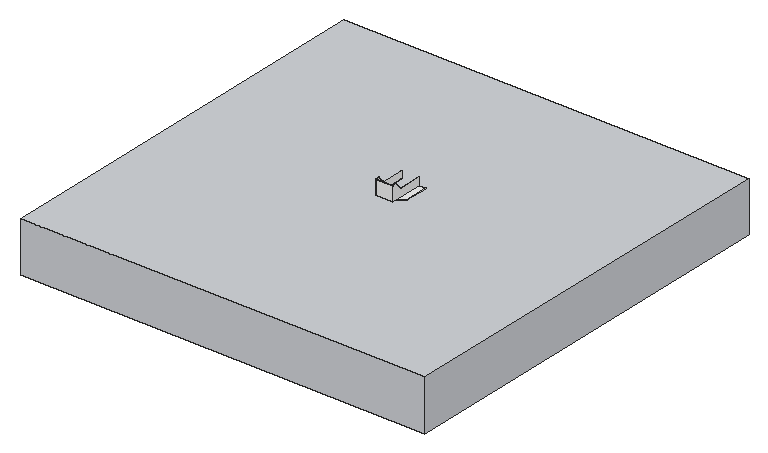
Revit family "JOMA_Balksko kombi_Grundform 500", category Structural Connections, host Face, Revit 2012
Parameters (values of type "5210200  100x200")
  Y = 140 mm
  X = 35 mm
  Vikt = "0,65"
  Typ = "GRUNDFORM 500"
  Spikmönster 2 [instance] = no
  Spikmönster 1 [instance] = no
  Spik/skruv i sekundär [instance] = "ANKARSPIK 4,0x40"
  Spik/skruv i primär [instance] = "ANKARSPIK 4,0x60"
  Material = Varmförzinkad stålplåt
  Länk Joma Dimensioneringsverktyg = "http://www.joma.se/dimensioneringsverktyg"
  Grundform 500 = yes
  F = 85 mm
  E = 47 mm
  Default Elevation = 1219.2 mm
  D = 42 mm
  Bultplacering 2 [instance] = no
  Bultplacering 1 [instance] = no
  Bult [instance] = "BULT M10"
  B = 200 mm
  Antal spik/skruv i sekundär [instance] = if(and(Spikmönster 1, Grundform 500), 8, if(and(Spikmönster 2, Grundform 500), 4, if(and(Bultplacering 1, Grundform 500), 8, if(and(Bultplacering 2, Grundform 500), 8, 0))))  # 0
  Antal spik/skruv i primär [instance] = if(and(Spikmönster 1, Grundform 500), 15, if(and(Spikmönster 2, Grundform 500), 8, if(and(Bultplacering 1, Grundform 500), 1, if(and(Bultplacering 2, Grundform 500), 2, 0))))  # 0
  A = 100 mm
  500 Spikmönster 2 [instance] = and(Grundform 500, Spikmönster 2, not(or(Spikmönster 1, Bultplacering 1, Bultplacering 2)))  # no
  500 Spikmönster 1 [instance] = and(Grundform 500, Spikmönster 1, not(or(Spikmönster 2, Bultplacering 1, Bultplacering 2)))  # no
  500 Bultplacering 2 [instance] = and(Grundform 500, Bultplacering 2, not(or(Spikmönster 1, Spikmönster 2, Bultplacering 1)))  # no
  500 Bultplacering 1 [instance] = and(Grundform 500, Bultplacering 1, not(or(Spikmönster 1, Spikmönster 2, Bultplacering 2)))  # no
Types (8, lengths in mm): name | B | A
  5245228  45x228 | 228 | 45
  5251225  51x225 | 225 | 51
  5272214  72x214 | 214 | 72
  5210200  100x200 | 200 | 100
  5212190  120x190 | 190 | 120
  5214180  140x180 | 180 | 140
  5215190  115x190 | 192 | 115
  5290205 90x205 | 205 | 90
Reference planes
  plane 1 "Center (Front/Back)": y = 0
  plane 2: z = 0
  plane 3 "Center (Left/Right)": x = 0
  plane 4: x = -50
  plane 5: x = 50
  plane 6: y = -2
  plane 7: x = -52
  plane 8: x = 52
  plane 9: y = 198
  plane 10: z = 2
  plane 11: z = 87
  plane 12: y = 23
  plane 13: y = 58
  plane 14: x = 92
  plane 15: x = -92
  plane 16: z = 47
Forms (mm)
  Extrusion 1, solid
    sketch origin (0, 0, 0) x (1, 0, 0) y (0, 1, 0)
      loop
        line (-1219.2, 1219.2) -> (-1219.2, -1219.2) -> (1219.2, -1219.2) -> (1219.2, 1219.2) -> (-1219.2, 1219.2)
    from 0 to -304.8
  Extrusion 2, solid, material "Varmförzinkad stålplåt" <- "Material"
    sketch origin (0, 0, 0) x (1, 0, 0) y (0, 1, 0)
      loop
        line (-50, 198) -> (-52, 198) -> (-52, 0)
        arc (-52, 0) -> (-51.414, -1.414) -> (-50, -2) r 2
        line (-50, -2) -> (50.004, -2)
        arc (50.004, -2) -> (51.415, -1.415) -> (52, -0.004) r 1.996
        line (52, -0.004) -> (52, 198) -> (50, 198) -> (50, 0) -> (-50, 0) -> (-50, 198)
    from 2 to 87
  Extrusion 3, solid, material "Varmförzinkad stålplåt" <- "Material"
    sketch origin (0, 0, 0) x (1, 0, 0) y (0, 1, 0)
      loop
        line (50, 198) -> (50, 23) -> (92, 23) -> (92, 198) -> (50, 198)
    from 0 to 2
  Extrusion 4, void
    sketch origin (0, 0, 0) x (1, 0, 0) y (0, 1, 0)
      loop
        line (52, 23) -> (92, 23) -> (92, 58) -> (52, 23)
    from 0 to 2
  Extrusion 5, solid, material "Varmförzinkad stålplåt" <- "Material"
    sketch origin (0, 0, 0) x (-1, 0, 0) y (0, -1, 0)
      loop
        line (50, -198) -> (92, -198) -> (92, -23) -> (50, -23) -> (50, -198)
    from 0 to 2
  Extrusion 6, void
    sketch origin (0, 0, 0) x (1, 0, 0) y (0, 1, 0)
      loop
        line (-52, 23) -> (-92, 58) -> (-92, 23) -> (-52, 23)
    from 0 to 250
  Extrusion 7, void
    sketch origin (0, 0, 0) x (0, 1, 0) y (0, 0, 1)
      loop
        line (198, 87) -> (23, 87) -> (58, 47) -> (198, 47) -> (198, 87)
    from -52 to 52
  Extrusion 8, void
    sketch origin (0, 0, 0) x (1, 0, 0) y (0, 0, 1)
      loop
        arc (52, 0) -> (50.586, 0.586) -> (50, 2) r 2
        line (50, 2) -> (50, 0) -> (52, 0)
    from -198 to -23
  Extrusion 9, void
    sketch origin (0, 0, 0) x (1, 0, 0) y (0, 0, 1)
      loop
        arc (-50, 2) -> (-50.586, 0.586) -> (-52, 0) r 2
        line (-52, 0) -> (-50, 0) -> (-50, 2)
    from -198 to -23
Cuts and joins
  Extrusion 7 cuts Extrusion 2
  Extrusion 4, Extrusion 8 cuts Extrusion 3
  Extrusion 6, Extrusion 9 cuts Extrusion 5
  joined: Extrusion 2, Extrusion 3, Extrusion 5
Lines and regions (mm)
  symbolic lines, visible <- "Grundform 500"
    curve 1: circle (0, 180.5, 39) r 2.5 normal (1, 0, 0)
    curve 2: circle (0, 160.5, 39) r 2.5 normal (1, 0, 0)
    curve 3: circle (0, 140.5, 39) r 2.5 normal (1, 0, 0)
    curve 4: circle (0, 120.5, 39) r 2.5 normal (1, 0, 0)
    curve 5: circle (0, 100.5, 39) r 2.5 normal (1, 0, 0)
    curve 6: circle (0, 80.5, 39) r 2.5 normal (1, 0, 0)
    curve 7: circle (0, 60.5, 39) r 2.5 normal (1, 0, 0)
    curve 8: circle (0, 40.5, 39) r 2.5 normal (1, 0, 0)
    curve 17: circle (-61.5, 180.5, 0) r 2.5 normal (0, 0, 1)
    curve 18: circle (-84, 190.5, 0) r 2.5 normal (0, 0, 1)
    curve 19: circle (-61.5, 160.5, 0) r 2.5 normal (0, 0, 1)
    curve 20: circle (-84, 170.5, 0) r 2.5 normal (0, 0, 1)
    curve 21: circle (-61.5, 140.5, 0) r 2.5 normal (0, 0, 1)
    curve 22: circle (-84, 150.5, 0) r 2.5 normal (0, 0, 1)
    curve 23: circle (-61.5, 120.5, 0) r 2.5 normal (0, 0, 1)
    curve 24: circle (-84, 130.5, 0) r 2.5 normal (0, 0, 1)
    curve 25: circle (-61.5, 100.5, 0) r 2.5 normal (0, 0, 1)
    curve 26: circle (-84, 110.5, 0) r 2.5 normal (0, 0, 1)
    curve 27: circle (-61.5, 80.5, 0) r 2.5 normal (0, 0, 1)
    curve 28: circle (-84, 90.5, 0) r 2.5 normal (0, 0, 1)
    curve 29: circle (-61.5, 60.5, 0) r 2.5 normal (0, 0, 1)
    curve 30: circle (-84, 70.5, 0) r 2.5 normal (0, 0, 1)
    curve 31: circle (-61.5, 40.5, 0) r 2.5 normal (0, 0, 1)
    curve 32: circle (-74, 180.5, 0) r 5.5 normal (0, 0, 1)
    curve 33: circle (-74, 140.5, 0) r 5.5 normal (0, 0, 1)
    curve 34: circle (-74, 100.5, 0) r 5.5 normal (0, 0, 1)
    curve 35: circle (-74, 60.5, 0) r 5.5 normal (0, 0, 1)
    curve 55: circle (61.5, 180.5, 0) r 2.5 normal (0, 0, -1)
    curve 56: circle (84, 190.5, 0) r 2.5 normal (0, 0, -1)
    curve 57: circle (61.5, 160.5, 0) r 2.5 normal (0, 0, -1)
    curve 58: circle (84, 170.5, 0) r 2.5 normal (0, 0, -1)
    curve 59: circle (61.5, 140.5, 0) r 2.5 normal (0, 0, -1)
    curve 60: circle (84, 150.5, 0) r 2.5 normal (0, 0, -1)
    curve 61: circle (61.5, 120.5, 0) r 2.5 normal (0, 0, -1)
    curve 62: circle (84, 130.5, 0) r 2.5 normal (0, 0, -1)
    curve 63: circle (61.5, 100.5, 0) r 2.5 normal (0, 0, -1)
    curve 64: circle (84, 110.5, 0) r 2.5 normal (0, 0, -1)
    curve 65: circle (61.5, 80.5, 0) r 2.5 normal (0, 0, -1)
    curve 66: circle (84, 90.5, 0) r 2.5 normal (0, 0, -1)
    curve 67: circle (61.5, 60.5, 0) r 2.5 normal (0, 0, -1)
    curve 68: circle (84, 70.5, 0) r 2.5 normal (0, 0, -1)
    curve 69: circle (61.5, 40.5, 0) r 2.5 normal (0, 0, -1)
    curve 70: circle (74, 180.5, 0) r 5.5 normal (0, 0, -1)
    curve 71: circle (74, 140.5, 0) r 5.5 normal (0, 0, -1)
    curve 72: circle (74, 100.5, 0) r 5.5 normal (0, 0, -1)
    curve 73: circle (74, 60.5, 0) r 5.5 normal (0, 0, -1)
  symbolic lines, visible <- "Grundform 500", not visible
    curve 9: circle (0, 208.5, 39) r 2.5 normal (1, 0, 0)
    curve 10: circle (0, 188.5, 39) r 2.5 normal (1, 0, 0)
    curve 11: circle (0, 168.5, 39) r 2.5 normal (1, 0, 0)
    curve 12: circle (0, 148.5, 39) r 2.5 normal (1, 0, 0)
    curve 13: circle (0, 128.5, 39) r 2.5 normal (1, 0, 0)
    curve 14: circle (0, 108.5, 39) r 2.5 normal (1, 0, 0)
    curve 15: circle (0, 88.5, 39) r 2.5 normal (1, 0, 0)
    curve 16: circle (0, 68.5, 39) r 2.5 normal (1, 0, 0)
    curve 36: circle (-34, 208.5, 0) r 2.5 normal (0, 0, 1)
    curve 37: circle (-56.5, 218.5, 0) r 2.5 normal (0, 0, 1)
    curve 38: circle (-34, 188.5, 0) r 2.5 normal (0, 0, 1)
    curve 39: circle (-56.5, 198.5, 0) r 2.5 normal (0, 0, 1)
    curve 40: circle (-34, 168.5, 0) r 2.5 normal (0, 0, 1)
    curve 41: circle (-56.5, 178.5, 0) r 2.5 normal (0, 0, 1)
    curve 42: circle (-34, 148.5, 0) r 2.5 normal (0, 0, 1)
    curve 43: circle (-56.5, 158.5, 0) r 2.5 normal (0, 0, 1)
    curve 44: circle (-34, 128.5, 0) r 2.5 normal (0, 0, 1)
    curve 45: circle (-56.5, 138.5, 0) r 2.5 normal (0, 0, 1)
    curve 46: circle (-34, 108.5, 0) r 2.5 normal (0, 0, 1)
    curve 47: circle (-56.5, 118.5, 0) r 2.5 normal (0, 0, 1)
    curve 48: circle (-34, 88.5, 0) r 2.5 normal (0, 0, 1)
    curve 49: circle (-56.5, 98.5, 0) r 2.5 normal (0, 0, 1)
    curve 50: circle (-34, 68.5, 0) r 2.5 normal (0, 0, 1)
    curve 51: circle (-46.5, 208.5, 0) r 5.5 normal (0, 0, 1)
    curve 52: circle (-46.5, 168.5, 0) r 5.5 normal (0, 0, 1)
    curve 53: circle (-46.5, 128.5, 0) r 5.5 normal (0, 0, 1)
    curve 54: circle (-46.5, 88.5, 0) r 5.5 normal (0, 0, 1)
    curve 74: circle (34, 208.5, 0) r 2.5 normal (0, 0, -1)
    curve 75: circle (56.5, 218.5, 0) r 2.5 normal (0, 0, -1)
    curve 76: circle (34, 188.5, 0) r 2.5 normal (0, 0, -1)
    curve 77: circle (56.5, 198.5, 0) r 2.5 normal (0, 0, -1)
    curve 78: circle (34, 168.5, 0) r 2.5 normal (0, 0, -1)
    curve 79: circle (56.5, 178.5, 0) r 2.5 normal (0, 0, -1)
    curve 80: circle (34, 148.5, 0) r 2.5 normal (0, 0, -1)
    curve 81: circle (56.5, 158.5, 0) r 2.5 normal (0, 0, -1)
    curve 82: circle (34, 128.5, 0) r 2.5 normal (0, 0, -1)
    curve 83: circle (56.5, 138.5, 0) r 2.5 normal (0, 0, -1)
    curve 84: circle (34, 108.5, 0) r 2.5 normal (0, 0, -1)
    curve 85: circle (56.5, 118.5, 0) r 2.5 normal (0, 0, -1)
    curve 86: circle (34, 88.5, 0) r 2.5 normal (0, 0, -1)
    curve 87: circle (56.5, 98.5, 0) r 2.5 normal (0, 0, -1)
    curve 88: circle (34, 68.5, 0) r 2.5 normal (0, 0, -1)
    curve 89: circle (46.5, 208.5, 0) r 5.5 normal (0, 0, -1)
    curve 90: circle (46.5, 168.5, 0) r 5.5 normal (0, 0, -1)
    curve 91: circle (46.5, 128.5, 0) r 5.5 normal (0, 0, -1)
    curve 92: circle (46.5, 88.5, 0) r 5.5 normal (0, 0, -1)
Text (mm)
  text "Primärbalk" at (328.941, 539.253, 0), in view "Ref. Level"
  text "Sekundärbalk" at (0, -172.393, 341.357), in view "Left"
Dimensions and locks
  equal spacing: plane 4, plane 3 "Center (Left/Right)", plane 5
  "A": plane 4 to plane 5
  "B": plane 9 to plane 6
  plane 7 to plane 4 = 2 mm
  plane 5 to plane 8 = 2 mm
  plane 1 "Center (Front/Back)" to plane 6 = 2 mm
  plane 10 to Extrusion 1 = 2 mm
  "F": plane 11 to plane 10
  "Y": plane 9 to plane 13
  "X": plane 12 to plane 13
  "D": plane 5 to plane 14
  "D": plane 15 to plane 4
  "E": plane 16 to Extrusion 1
  locked: plane 9 to curve 1 at 17.5
  locked: plane 16 to curve 8 at 8
  locked: plane 15 to curve 18 at 8
  locked: plane 9 to curve 18 at 7.5
  locked: plane 9 to curve 56 at 7.5
  locked: curve 56 to plane 14 at 8
  aligned and locked: plane 2 to Extrusion 1
  aligned and locked: level to Extrusion 1
  aligned and locked: Extrusion 2 to plane 7
  aligned and locked: plane 9 to Extrusion 2  (x2)
  aligned and locked: plane 8 to Extrusion 2
  aligned and locked: Extrusion 2 to plane 5
  aligned and locked: Extrusion 2 to plane 6
  aligned and locked: Extrusion 2 to plane 1 "Center (Front/Back)"
  aligned and locked: plane 4 to Extrusion 2
  aligned and locked: plane 11 to Extrusion 2
  aligned and locked: Extrusion 2 to Extrusion 7
  aligned and locked: Extrusion 7 to Extrusion 2
  aligned and locked: Extrusion 8 to plane 5
  aligned and locked: Extrusion 8 to level
  aligned and locked: plane 9 to Extrusion 8
  aligned and locked: plane 12 to Extrusion 8
  aligned and locked: Extrusion 5 to Extrusion 6
  aligned and locked: plane 9 to Extrusion 5
  aligned and locked: plane 4 to Extrusion 5
  aligned and locked: plane 12 to Extrusion 5
  aligned and locked: plane 15 to Extrusion 6
  aligned and locked: plane 12 to Extrusion 6
  aligned and locked: plane 4 to Extrusion 9
  aligned and locked: Extrusion 9 to level
  aligned and locked: Extrusion 8 to plane 2
  aligned and locked: plane 9 to Extrusion 9
  aligned and locked: plane 12 to Extrusion 9
Automatic sketch dimensions
  Extrusion 1 sketch curve to Extrusion 1 sketch curve = 2438.4 mm  (x2)
  curve 8 to curve 7 = 20 mm
  curve 7 to curve 6 = 20 mm
  curve 6 to curve 5 = 20 mm
  curve 5 to curve 4 = 20 mm
  curve 4 to curve 3 = 20 mm
  curve 3 to curve 2 = 20 mm
  curve 2 to curve 1 = 20 mm
  curve 2 to curve 1 = 0 mm
  curve 3 to curve 2 = 0 mm
  curve 4 to curve 3 = 0 mm
  curve 5 to curve 4 = 0 mm
  curve 6 to curve 5 = 0 mm
  curve 7 to curve 6 = 0 mm
  curve 8 to curve 7 = 0 mm
  curve 16 to curve 15 = 20 mm
  curve 15 to curve 14 = 20 mm
  curve 14 to curve 13 = 20 mm
  curve 13 to curve 12 = 20 mm
  curve 12 to curve 11 = 20 mm
  curve 11 to curve 10 = 20 mm
  curve 10 to curve 9 = 20 mm
  curve 10 to curve 9 = 0 mm
  curve 11 to curve 10 = 0 mm
  curve 12 to curve 11 = 0 mm
  curve 13 to curve 12 = 0 mm
  curve 14 to curve 13 = 0 mm
  curve 15 to curve 14 = 0 mm
  curve 16 to curve 15 = 0 mm
  curve 18 to curve 26 = 0 mm
  curve 30 to curve 26 = 0 mm
  curve 20 to curve 18 = 0 mm
  curve 24 to curve 26 = 0 mm
  curve 22 to curve 24 = 0 mm
  curve 28 to curve 30 = 0 mm
  curve 28 to curve 34 = 10 mm
  curve 30 to curve 35 = 10 mm
  curve 24 to curve 33 = 10 mm  (x2)
  curve 20 to curve 32 = 10 mm  (x2)
  curve 35 to curve 29 = 12.5 mm
  curve 34 to curve 25 = 12.5 mm
  curve 31 to curve 29 = 0 mm
  curve 23 to curve 25 = 0 mm
  curve 33 to curve 21 = 12.5 mm
  curve 19 to curve 21 = 0 mm
  curve 32 to curve 17 = 12.5 mm
  curve 27 to curve 29 = 0 mm
  curve 31 to curve 29 = 20 mm
  curve 35 to curve 29 = 0 mm
  curve 35 to curve 30 = 10 mm
  curve 29 to curve 27 = 20 mm
  curve 30 to curve 28 = 20 mm
  curve 27 to curve 25 = 20 mm
  curve 34 to curve 25 = 0 mm
  curve 34 to curve 26 = 10 mm
  curve 25 to curve 23 = 20 mm
  curve 26 to curve 24 = 20 mm
  curve 33 to curve 21 = 0 mm
  curve 33 to curve 22 = 10 mm
  curve 21 to curve 19 = 20 mm
  curve 22 to curve 20 = 20 mm
  curve 32 to curve 17 = 0 mm
  curve 32 to curve 18 = 10 mm
  curve 37 to curve 45 = 0 mm
  curve 49 to curve 45 = 0 mm
  curve 39 to curve 37 = 0 mm
  curve 43 to curve 45 = 0 mm
  curve 41 to curve 43 = 0 mm
  curve 47 to curve 49 = 0 mm
  curve 47 to curve 53 = 10 mm
  curve 49 to curve 54 = 10 mm
  curve 43 to curve 52 = 10 mm  (x2)
  curve 39 to curve 51 = 10 mm  (x2)
  curve 54 to curve 48 = 12.5 mm
  curve 53 to curve 44 = 12.5 mm
  curve 50 to curve 48 = 0 mm
  curve 42 to curve 44 = 0 mm
  curve 52 to curve 40 = 12.5 mm
  curve 38 to curve 40 = 0 mm
  curve 51 to curve 36 = 12.5 mm
  curve 46 to curve 48 = 0 mm
  curve 50 to curve 48 = 20 mm
  curve 54 to curve 48 = 0 mm
  curve 54 to curve 49 = 10 mm
  curve 48 to curve 46 = 20 mm
  curve 49 to curve 47 = 20 mm
  curve 46 to curve 44 = 20 mm
  curve 53 to curve 44 = 0 mm
  curve 53 to curve 45 = 10 mm
  curve 44 to curve 42 = 20 mm
  curve 45 to curve 43 = 20 mm
  curve 52 to curve 40 = 0 mm
  curve 52 to curve 41 = 10 mm
  curve 40 to curve 38 = 20 mm
  curve 41 to curve 39 = 20 mm
  curve 51 to curve 36 = 0 mm
  curve 51 to curve 37 = 10 mm
  curve 56 to curve 64 = 80 mm
  curve 68 to curve 64 = 40 mm
  curve 58 to curve 56 = 20 mm
  curve 62 to curve 64 = 20 mm
  curve 60 to curve 62 = 20 mm
  curve 66 to curve 68 = 20 mm
  curve 66 to curve 72 = 14.142 mm
  curve 68 to curve 73 = 14.142 mm
  curve 62 to curve 71 = 14.142 mm  (x2)
  curve 58 to curve 70 = 14.142 mm  (x2)
  curve 73 to curve 67 = 12.5 mm  (x2)
  curve 72 to curve 63 = 12.5 mm  (x2)
  curve 69 to curve 67 = 20 mm  (x2)
  curve 61 to curve 63 = 20 mm
  curve 71 to curve 59 = 12.5 mm  (x2)
  curve 57 to curve 59 = 20 mm
  curve 70 to curve 55 = 12.5 mm  (x2)
  curve 65 to curve 67 = 20 mm
  curve 73 to curve 68 = 14.142 mm
  curve 67 to curve 65 = 20 mm
  curve 68 to curve 66 = 20 mm
  curve 65 to curve 63 = 20 mm
  curve 72 to curve 64 = 14.142 mm
  curve 63 to curve 61 = 20 mm
  curve 64 to curve 62 = 20 mm
  curve 71 to curve 60 = 14.142 mm
  curve 59 to curve 57 = 20 mm
  curve 60 to curve 58 = 20 mm
  curve 70 to curve 56 = 14.142 mm
  curve 75 to curve 83 = 80 mm
  curve 87 to curve 83 = 40 mm
  curve 77 to curve 75 = 20 mm
  curve 81 to curve 83 = 20 mm
  curve 79 to curve 81 = 20 mm
  curve 85 to curve 87 = 20 mm
  curve 85 to curve 91 = 14.142 mm
  curve 87 to curve 92 = 14.142 mm
  curve 81 to curve 90 = 14.142 mm  (x2)
  curve 77 to curve 89 = 14.142 mm  (x2)
  curve 92 to curve 86 = 12.5 mm  (x2)
  curve 91 to curve 82 = 12.5 mm  (x2)
  curve 88 to curve 86 = 20 mm  (x2)
  curve 80 to curve 82 = 20 mm
  curve 90 to curve 78 = 12.5 mm  (x2)
  curve 76 to curve 78 = 20 mm
  curve 89 to curve 74 = 12.5 mm  (x2)
  curve 84 to curve 86 = 20 mm
  curve 92 to curve 87 = 14.142 mm
  curve 86 to curve 84 = 20 mm
  curve 87 to curve 85 = 20 mm
  curve 84 to curve 82 = 20 mm
  curve 91 to curve 83 = 14.142 mm
  curve 82 to curve 80 = 20 mm
  curve 83 to curve 81 = 20 mm
  curve 90 to curve 79 = 14.142 mm
  curve 78 to curve 76 = 20 mm
  curve 79 to curve 77 = 20 mm
  curve 89 to curve 75 = 14.142 mm
  plane 1 "Center (Front/Back)" to Extrusion 2 sketch curve = 0 mm  (x2)
  Extrusion 2 sketch curve to plane 7 = 0 mm
  Extrusion 2 sketch curve to plane 4 = 0 mm  (x2)
  Extrusion 2 sketch curve to plane 5 = 0 mm
  Extrusion 2 sketch curve to plane 8 = 0 mm
  Extrusion 2 sketch curve to plane 9 = 0 mm  (x2)
  plane 5 to Extrusion 2 sketch curve = 0.004 mm
  Extrusion 3 sketch curve to plane 5 = 0 mm
  plane 12 to Extrusion 3 sketch curve = 0 mm
  Extrusion 3 sketch curve to plane 14 = 0 mm
  Extrusion 3 sketch curve to plane 9 = 0 mm
  Extrusion 4 sketch curve to plane 8 = 0 mm
  plane 12 to Extrusion 4 sketch curve = 0 mm
  Extrusion 4 sketch curve to plane 14 = 0 mm
  plane 13 to Extrusion 4 sketch curve = 0 mm
  Extrusion 5 sketch curve to plane 4 = 0 mm
  plane 12 to Extrusion 5 sketch curve = 0 mm
  Extrusion 5 sketch curve to plane 15 = 0 mm
  Extrusion 5 sketch curve to plane 9 = 0 mm
  plane 13 to Extrusion 6 sketch curve = 0 mm
  Extrusion 6 sketch curve to plane 15 = 0 mm
  Extrusion 6 sketch curve to plane 7 = 0 mm
  plane 12 to Extrusion 6 sketch curve = 0 mm
  Extrusion 7 sketch curve to plane 11 = 0 mm
  Extrusion 7 sketch curve to plane 12 = 0 mm
  Extrusion 7 sketch curve to plane 13 = 0 mm
  Extrusion 7 sketch curve to plane 9 = 0 mm
  Extrusion 7 sketch curve to plane 16 = 0 mm
  Extrusion 8 sketch curve to level = 0 mm
  Extrusion 8 sketch curve to plane 5 = 0 mm
  Extrusion 8 sketch curve to plane 8 = 0 mm
  Extrusion 9 sketch curve to plane 7 = 0 mm
  Extrusion 9 sketch curve to level = 0 mm
  Extrusion 9 sketch curve to plane 4 = 0 mm
  radius of curve 1 = 2.5 mm
  radius of curve 2 = 2.5 mm
  radius of curve 3 = 2.5 mm
  radius of curve 4 = 2.5 mm
  radius of curve 5 = 2.5 mm
  radius of curve 6 = 2.5 mm
  radius of curve 7 = 2.5 mm
  radius of curve 8 = 2.5 mm
  radius of curve 9 = 2.5 mm
  radius of curve 10 = 2.5 mm
  radius of curve 11 = 2.5 mm
  radius of curve 12 = 2.5 mm
  radius of curve 13 = 2.5 mm
  radius of curve 14 = 2.5 mm
  radius of curve 15 = 2.5 mm
  radius of curve 16 = 2.5 mm
  radius of curve 17 = 2.5 mm
  radius of curve 18 = 2.5 mm
  radius of curve 19 = 2.5 mm
  radius of curve 20 = 2.5 mm
  radius of curve 21 = 2.5 mm
  radius of curve 22 = 2.5 mm
  radius of curve 23 = 2.5 mm
  radius of curve 24 = 2.5 mm
  radius of curve 25 = 2.5 mm
  radius of curve 26 = 2.5 mm
  radius of curve 27 = 2.5 mm
  radius of curve 28 = 2.5 mm
  radius of curve 29 = 2.5 mm
  radius of curve 30 = 2.5 mm
  radius of curve 31 = 2.5 mm
  radius of curve 32 = 5.5 mm
  radius of curve 33 = 5.5 mm
  radius of curve 34 = 5.5 mm
  radius of curve 35 = 5.5 mm
  radius of curve 36 = 2.5 mm
  radius of curve 37 = 2.5 mm
  radius of curve 38 = 2.5 mm
  radius of curve 39 = 2.5 mm
  radius of curve 40 = 2.5 mm
  radius of curve 41 = 2.5 mm
  radius of curve 42 = 2.5 mm
  radius of curve 43 = 2.5 mm
  radius of curve 44 = 2.5 mm
  radius of curve 45 = 2.5 mm
  radius of curve 46 = 2.5 mm
  radius of curve 47 = 2.5 mm
  radius of curve 48 = 2.5 mm
  radius of curve 49 = 2.5 mm
  radius of curve 50 = 2.5 mm
  radius of curve 51 = 5.5 mm
  radius of curve 52 = 5.5 mm
  radius of curve 53 = 5.5 mm
  radius of curve 54 = 5.5 mm
  radius of curve 55 = 2.5 mm
  radius of curve 56 = 2.5 mm
  radius of curve 57 = 2.5 mm
  radius of curve 58 = 2.5 mm
  radius of curve 59 = 2.5 mm
  radius of curve 60 = 2.5 mm
  radius of curve 61 = 2.5 mm
  radius of curve 62 = 2.5 mm
  radius of curve 63 = 2.5 mm
  radius of curve 64 = 2.5 mm
  radius of curve 65 = 2.5 mm
  radius of curve 66 = 2.5 mm
  radius of curve 67 = 2.5 mm
  radius of curve 68 = 2.5 mm
  radius of curve 69 = 2.5 mm
  radius of curve 70 = 5.5 mm
  radius of curve 71 = 5.5 mm
  radius of curve 72 = 5.5 mm
  radius of curve 73 = 5.5 mm
  radius of curve 74 = 2.5 mm
  radius of curve 75 = 2.5 mm
  radius of curve 76 = 2.5 mm
  radius of curve 77 = 2.5 mm
  radius of curve 78 = 2.5 mm
  radius of curve 79 = 2.5 mm
  radius of curve 80 = 2.5 mm
  radius of curve 81 = 2.5 mm
  radius of curve 82 = 2.5 mm
  radius of curve 83 = 2.5 mm
  radius of curve 84 = 2.5 mm
  radius of curve 85 = 2.5 mm
  radius of curve 86 = 2.5 mm
  radius of curve 87 = 2.5 mm
  radius of curve 88 = 2.5 mm
  radius of curve 89 = 5.5 mm
  radius of curve 90 = 5.5 mm
  radius of curve 91 = 5.5 mm
  radius of curve 92 = 5.5 mm
Nested families
  nested 1: "Spikmönster" at (-84, 190.5, 0), visible <- "500 Spikmönster 1", type "Ø5"
  nested 2: "Spikmönster" at (-84, 170.5, 0), visible <- "500 Spikmönster 1", type "Ø5"
  nested 3: "Spikmönster" at (-84, 150.5, 0), visible <- "500 Spikmönster 1", type "Ø5"
  nested 4: "Spikmönster" at (-84, 130.5, 0), visible <- "500 Spikmönster 1", type "Ø5"
  nested 5: "Spikmönster" at (-84, 110.5, 0), visible <- "500 Spikmönster 1", type "Ø5"
  nested 6: "Spikmönster" at (-84, 90.5, 0), visible <- "500 Spikmönster 1", type "Ø5"
  nested 7: "Spikmönster" at (-84, 70.5, 0), visible <- "500 Spikmönster 1", type "Ø5"
  nested 8: "Spikmönster" at (-61.5, 180.5, 0), visible <- "500 Spikmönster 1", type "Ø5"
  nested 9: "Spikmönster" at (-61.5, 160.5, 0), visible <- "500 Spikmönster 1", type "Ø5"
  nested 10: "Spikmönster" at (-61.5, 140.5, 0), visible <- "500 Spikmönster 1", type "Ø5"
  nested 11: "Spikmönster" at (-61.5, 120.5, 0), visible <- "500 Spikmönster 1", type "Ø5"
  nested 12: "Spikmönster" at (-61.5, 100.5, 0), visible <- "500 Spikmönster 1", type "Ø5"
  nested 13: "Spikmönster" at (-61.5, 80.5, 0), visible <- "500 Spikmönster 1", type "Ø5"
  nested 14: "Spikmönster" at (-61.5, 60.5, 0), visible <- "500 Spikmönster 1", type "Ø5"
  nested 15: "Spikmönster" at (-61.5, 40.5, 0), visible <- "500 Spikmönster 1", type "Ø5"
  nested 16: "Spikmönster" at (-61.5, 180.5, 0), visible <- "500 Spikmönster 2", type "Ø5"
  nested 17: "Spikmönster" at (-61.5, 160.5, 0), visible <- "500 Spikmönster 2", type "Ø5"
  nested 18: "Spikmönster" at (-61.5, 140.5, 0), visible <- "500 Spikmönster 2", type "Ø5"
  nested 19: "Spikmönster" at (-61.5, 120.5, 0), visible <- "500 Spikmönster 2", type "Ø5"
  nested 20: "Spikmönster" at (-61.5, 100.5, 0), visible <- "500 Spikmönster 2", type "Ø5"
  nested 21: "Spikmönster" at (-61.5, 80.5, 0), visible <- "500 Spikmönster 2", type "Ø5"
  nested 22: "Spikmönster" at (-61.5, 60.5, 0), visible <- "500 Spikmönster 2", type "Ø5"
  nested 23: "Spikmönster" at (-61.5, 40.5, 0), visible <- "500 Spikmönster 2", type "Ø5"
  nested 24: "Spikmönster" at (-56.5, 218.5, 0), visible <- "500 Spikmönster 1", type "Ø5", not visible
  nested 25: "Spikmönster" at (-56.5, 198.5, 0), visible <- "500 Spikmönster 1", type "Ø5", not visible
  nested 26: "Spikmönster" at (-56.5, 178.5, 0), visible <- "500 Spikmönster 1", type "Ø5", not visible
  nested 27: "Spikmönster" at (-56.5, 158.5, 0), visible <- "500 Spikmönster 1", type "Ø5", not visible
  nested 28: "Spikmönster" at (-56.5, 138.5, 0), visible <- "500 Spikmönster 1", type "Ø5", not visible
  nested 29: "Spikmönster" at (-56.5, 118.5, 0), visible <- "500 Spikmönster 1", type "Ø5", not visible
  nested 30: "Spikmönster" at (-56.5, 98.5, 0), visible <- "500 Spikmönster 1", type "Ø5", not visible
  nested 31: "Spikmönster" at (-34, 208.5, 0), visible <- "500 Spikmönster 1", type "Ø5", not visible
  nested 32: "Spikmönster" at (-34, 188.5, 0), visible <- "500 Spikmönster 1", type "Ø5", not visible
  nested 33: "Spikmönster" at (-34, 168.5, 0), visible <- "500 Spikmönster 1", type "Ø5", not visible
  nested 34: "Spikmönster" at (-34, 148.5, 0), visible <- "500 Spikmönster 1", type "Ø5", not visible
  nested 35: "Spikmönster" at (-34, 128.5, 0), visible <- "500 Spikmönster 1", type "Ø5", not visible
  nested 36: "Spikmönster" at (-34, 108.5, 0), visible <- "500 Spikmönster 1", type "Ø5", not visible
  nested 37: "Spikmönster" at (-34, 88.5, 0), visible <- "500 Spikmönster 1", type "Ø5", not visible
  nested 38: "Spikmönster" at (-34, 68.5, 0), visible <- "500 Spikmönster 1", type "Ø5", not visible
  nested 39: "Spikmönster" at (-34, 208.5, 0), visible <- "500 Spikmönster 2", type "Ø5", not visible
  nested 40: "Spikmönster" at (-34, 188.5, 0), visible <- "500 Spikmönster 2", type "Ø5", not visible
  nested 41: "Spikmönster" at (-34, 168.5, 0), visible <- "500 Spikmönster 2", type "Ø5", not visible
  nested 42: "Spikmönster" at (-34, 148.5, 0), visible <- "500 Spikmönster 2", type "Ø5", not visible
  nested 43: "Spikmönster" at (-34, 128.5, 0), visible <- "500 Spikmönster 2", type "Ø5", not visible
  nested 44: "Spikmönster" at (-34, 108.5, 0), visible <- "500 Spikmönster 2", type "Ø5", not visible
  nested 45: "Spikmönster" at (-34, 88.5, 0), visible <- "500 Spikmönster 2", type "Ø5", not visible
  nested 46: "Spikmönster" at (-34, 68.5, 0), visible <- "500 Spikmönster 2", type "Ø5", not visible
  nested 47: "Spikmönster" at (-74, 180.5, 0), visible <- "500 Bultplacering 1", type "Ø11"
  nested 48: "Spikmönster" at (-74, 180.5, 0), visible <- "500 Bultplacering 2", type "Ø11"
  nested 49: "Spikmönster" at (-74, 100.5, 0), visible <- "500 Bultplacering 2", type "Ø11"
  nested 50: "Spikmönster" at (-46.5, 208.5, 0), visible <- "500 Bultplacering 1", type "Ø11", not visible
  nested 51: "Spikmönster" at (-46.5, 208.5, 0), visible <- "500 Bultplacering 2", type "Ø11", not visible
  nested 52: "Spikmönster" at (-46.5, 128.5, 0), visible <- "500 Bultplacering 2", type "Ø11", not visible
  nested 53: "Spikmönster" at (84, 190.5, 0), visible <- "500 Spikmönster 1", type "Ø5"
  nested 54: "Spikmönster" at (84, 170.5, 0), visible <- "500 Spikmönster 1", type "Ø5"
  nested 55: "Spikmönster" at (84, 150.5, 0), visible <- "500 Spikmönster 1", type "Ø5"
  nested 56: "Spikmönster" at (84, 130.5, 0), visible <- "500 Spikmönster 1", type "Ø5"
  nested 57: "Spikmönster" at (84, 110.5, 0), visible <- "500 Spikmönster 1", type "Ø5"
  nested 58: "Spikmönster" at (84, 90.5, 0), visible <- "500 Spikmönster 1", type "Ø5"
  nested 59: "Spikmönster" at (84, 70.5, 0), visible <- "500 Spikmönster 1", type "Ø5"
  nested 60: "Spikmönster" at (61.5, 180.5, 0), visible <- "500 Spikmönster 1", type "Ø5"
  nested 61: "Spikmönster" at (61.5, 160.5, 0), visible <- "500 Spikmönster 1", type "Ø5"
  nested 62: "Spikmönster" at (61.5, 140.5, 0), visible <- "500 Spikmönster 1", type "Ø5"
  nested 63: "Spikmönster" at (61.5, 120.5, 0), visible <- "500 Spikmönster 1", type "Ø5"
  nested 64: "Spikmönster" at (61.5, 100.5, 0), visible <- "500 Spikmönster 1", type "Ø5"
  nested 65: "Spikmönster" at (61.5, 80.5, 0), visible <- "500 Spikmönster 1", type "Ø5"
  nested 66: "Spikmönster" at (61.5, 60.5, 0), visible <- "500 Spikmönster 1", type "Ø5"
  nested 67: "Spikmönster" at (61.5, 40.5, 0), visible <- "500 Spikmönster 1", type "Ø5"
  nested 68: "Spikmönster" at (61.5, 180.5, 0), visible <- "500 Spikmönster 2", type "Ø5"
  nested 69: "Spikmönster" at (61.5, 160.5, 0), visible <- "500 Spikmönster 2", type "Ø5"
  nested 70: "Spikmönster" at (61.5, 140.5, 0), visible <- "500 Spikmönster 2", type "Ø5"
  nested 71: "Spikmönster" at (61.5, 120.5, 0), visible <- "500 Spikmönster 2", type "Ø5"
  nested 72: "Spikmönster" at (61.5, 100.5, 0), visible <- "500 Spikmönster 2", type "Ø5"
  nested 73: "Spikmönster" at (61.5, 80.5, 0), visible <- "500 Spikmönster 2", type "Ø5"
  nested 74: "Spikmönster" at (61.5, 60.5, 0), visible <- "500 Spikmönster 2", type "Ø5"
  nested 75: "Spikmönster" at (61.5, 40.5, 0), visible <- "500 Spikmönster 2", type "Ø5"
  nested 76: "Spikmönster" at (74, 180.5, 0), visible <- "500 Bultplacering 1", type "Ø11"
  nested 77: "Spikmönster" at (74, 180.5, 0), visible <- "500 Bultplacering 2", type "Ø11"
  nested 78: "Spikmönster" at (74, 100.5, 0), visible <- "500 Bultplacering 2", type "Ø11"
  nested 79: "Spikmönster" at (56.5, 218.5, 0), visible <- "500 Spikmönster 1", type "Ø5", not visible
  nested 80: "Spikmönster" at (56.5, 198.5, 0), visible <- "500 Spikmönster 1", type "Ø5", not visible
  nested 81: "Spikmönster" at (56.5, 178.5, 0), visible <- "500 Spikmönster 1", type "Ø5", not visible
  nested 82: "Spikmönster" at (56.5, 158.5, 0), visible <- "500 Spikmönster 1", type "Ø5", not visible
  nested 83: "Spikmönster" at (56.5, 138.5, 0), visible <- "500 Spikmönster 1", type "Ø5", not visible
  nested 84: "Spikmönster" at (56.5, 118.5, 0), visible <- "500 Spikmönster 1", type "Ø5", not visible
  nested 85: "Spikmönster" at (56.5, 98.5, 0), visible <- "500 Spikmönster 1", type "Ø5", not visible
  nested 86: "Spikmönster" at (34, 208.5, 0), visible <- "500 Spikmönster 1", type "Ø5", not visible
  nested 87: "Spikmönster" at (34, 188.5, 0), visible <- "500 Spikmönster 1", type "Ø5", not visible
  nested 88: "Spikmönster" at (34, 168.5, 0), visible <- "500 Spikmönster 1", type "Ø5", not visible
  nested 89: "Spikmönster" at (34, 148.5, 0), visible <- "500 Spikmönster 1", type "Ø5", not visible
  nested 90: "Spikmönster" at (34, 128.5, 0), visible <- "500 Spikmönster 1", type "Ø5", not visible
  nested 91: "Spikmönster" at (34, 108.5, 0), visible <- "500 Spikmönster 1", type "Ø5", not visible
  nested 92: "Spikmönster" at (34, 88.5, 0), visible <- "500 Spikmönster 1", type "Ø5", not visible
  nested 93: "Spikmönster" at (34, 68.5, 0), visible <- "500 Spikmönster 1", type "Ø5", not visible
  nested 94: "Spikmönster" at (34, 208.5, 0), visible <- "500 Spikmönster 2", type "Ø5", not visible
  nested 95: "Spikmönster" at (34, 188.5, 0), visible <- "500 Spikmönster 2", type "Ø5", not visible
  nested 96: "Spikmönster" at (34, 168.5, 0), visible <- "500 Spikmönster 2", type "Ø5", not visible
  nested 97: "Spikmönster" at (34, 148.5, 0), visible <- "500 Spikmönster 2", type "Ø5", not visible
  nested 98: "Spikmönster" at (34, 128.5, 0), visible <- "500 Spikmönster 2", type "Ø5", not visible
  nested 99: "Spikmönster" at (34, 108.5, 0), visible <- "500 Spikmönster 2", type "Ø5", not visible
  nested 100: "Spikmönster" at (34, 88.5, 0), visible <- "500 Spikmönster 2", type "Ø5", not visible
  nested 101: "Spikmönster" at (34, 68.5, 0), visible <- "500 Spikmönster 2", type "Ø5", not visible
  nested 102: "Spikmönster" at (46.5, 208.5, 0), visible <- "500 Bultplacering 1", type "Ø11", not visible
  nested 103: "Spikmönster" at (46.5, 208.5, 0), visible <- "500 Bultplacering 2", type "Ø11", not visible
  nested 104: "Spikmönster" at (46.5, 128.5, 0), visible <- "500 Bultplacering 2", type "Ø11", not visible
  nested 105: "Spikmönster" at (0, 180.5, 39) x (0, -1, 0) z (1, 0, 0), visible <- "500 Spikmönster 1", type "Ø5"
  nested 106: "Spikmönster" at (0, 160.5, 39) x (0, -1, 0) z (1, 0, 0), visible <- "500 Spikmönster 1", type "Ø5"
  nested 107: "Spikmönster" at (0, 140.5, 39) x (0, -1, 0) z (1, 0, 0), visible <- "500 Spikmönster 1", type "Ø5"
  nested 108: "Spikmönster" at (0, 120.5, 39) x (0, -1, 0) z (1, 0, 0), visible <- "500 Spikmönster 1", type "Ø5"
  nested 109: "Spikmönster" at (0, 100.5, 39) x (0, -1, 0) z (1, 0, 0), visible <- "500 Spikmönster 1", type "Ø5"
  nested 110: "Spikmönster" at (0, 80.5, 39) x (0, -1, 0) z (1, 0, 0), visible <- "500 Spikmönster 1", type "Ø5"
  nested 111: "Spikmönster" at (0, 60.5, 39) x (0, -1, 0) z (1, 0, 0), visible <- "500 Spikmönster 1", type "Ø5"
  nested 112: "Spikmönster" at (0, 40.5, 39) x (0, -1, 0) z (1, 0, 0), visible <- "500 Spikmönster 1", type "Ø5"
  nested 113: "Spikmönster" at (0, 180.5, 39) x (0, -1, 0) z (1, 0, 0), visible <- "500 Spikmönster 2", type "Ø5"
  nested 114: "Spikmönster" at (0, 140.5, 39) x (0, -1, 0) z (1, 0, 0), visible <- "500 Spikmönster 2", type "Ø5"
  nested 115: "Spikmönster" at (0, 100.5, 39) x (0, -1, 0) z (1, 0, 0), visible <- "500 Spikmönster 2", type "Ø5"
  nested 116: "Spikmönster" at (0, 60.5, 39) x (0, -1, 0) z (1, 0, 0), visible <- "500 Spikmönster 2", type "Ø5"
  nested 117: "Spikmönster" at (0, 180.5, 39) x (0, -1, 0) z (1, 0, 0), visible <- "500 Bultplacering 1", type "Ø5"
  nested 118: "Spikmönster" at (0, 160.5, 39) x (0, -1, 0) z (1, 0, 0), visible <- "500 Bultplacering 1", type "Ø5"
  nested 119: "Spikmönster" at (0, 140.5, 39) x (0, -1, 0) z (1, 0, 0), visible <- "500 Bultplacering 1", type "Ø5"
  nested 120: "Spikmönster" at (0, 120.5, 39) x (0, -1, 0) z (1, 0, 0), visible <- "500 Bultplacering 1", type "Ø5"
  nested 121: "Spikmönster" at (0, 100.5, 39) x (0, -1, 0) z (1, 0, 0), visible <- "500 Bultplacering 1", type "Ø5"
  nested 122: "Spikmönster" at (0, 80.5, 39) x (0, -1, 0) z (1, 0, 0), visible <- "500 Bultplacering 1", type "Ø5"
  nested 123: "Spikmönster" at (0, 60.5, 39) x (0, -1, 0) z (1, 0, 0), visible <- "500 Bultplacering 1", type "Ø5"
  nested 124: "Spikmönster" at (0, 40.5, 39) x (0, -1, 0) z (1, 0, 0), visible <- "500 Bultplacering 1", type "Ø5"
  nested 125: "Spikmönster" at (0, 180.5, 39) x (0, -1, 0) z (1, 0, 0), visible <- "500 Bultplacering 2", type "Ø5"
  nested 126: "Spikmönster" at (0, 160.5, 39) x (0, -1, 0) z (1, 0, 0), visible <- "500 Bultplacering 2", type "Ø5"
  nested 127: "Spikmönster" at (0, 140.5, 39) x (0, -1, 0) z (1, 0, 0), visible <- "500 Bultplacering 2", type "Ø5"
  nested 128: "Spikmönster" at (0, 120.5, 39) x (0, -1, 0) z (1, 0, 0), visible <- "500 Bultplacering 2", type "Ø5"
  nested 129: "Spikmönster" at (0, 100.5, 39) x (0, -1, 0) z (1, 0, 0), visible <- "500 Bultplacering 2", type "Ø5"
  nested 130: "Spikmönster" at (0, 80.5, 39) x (0, -1, 0) z (1, 0, 0), visible <- "500 Bultplacering 2", type "Ø5"
  nested 131: "Spikmönster" at (0, 60.5, 39) x (0, -1, 0) z (1, 0, 0), visible <- "500 Bultplacering 2", type "Ø5"
  nested 132: "Spikmönster" at (0, 40.5, 39) x (0, -1, 0) z (1, 0, 0), visible <- "500 Bultplacering 2", type "Ø5"
  nested 133: "Spikmönster" at (0, 208.5, 39) x (0, -1, 0) z (1, 0, 0), visible <- "500 Spikmönster 1", type "Ø5", not visible
  nested 134: "Spikmönster" at (0, 188.5, 39) x (0, -1, 0) z (1, 0, 0), visible <- "500 Spikmönster 1", type "Ø5", not visible
  nested 135: "Spikmönster" at (0, 168.5, 39) x (0, -1, 0) z (1, 0, 0), visible <- "500 Spikmönster 1", type "Ø5", not visible
  nested 136: "Spikmönster" at (0, 148.5, 39) x (0, -1, 0) z (1, 0, 0), visible <- "500 Spikmönster 1", type "Ø5", not visible
  nested 137: "Spikmönster" at (0, 128.5, 39) x (0, -1, 0) z (1, 0, 0), visible <- "500 Spikmönster 1", type "Ø5", not visible
  nested 138: "Spikmönster" at (0, 108.5, 39) x (0, -1, 0) z (1, 0, 0), visible <- "500 Spikmönster 1", type "Ø5", not visible
  nested 139: "Spikmönster" at (0, 88.5, 39) x (0, -1, 0) z (1, 0, 0), visible <- "500 Spikmönster 1", type "Ø5", not visible
  nested 140: "Spikmönster" at (0, 68.5, 39) x (0, -1, 0) z (1, 0, 0), visible <- "500 Spikmönster 1", type "Ø5", not visible
  nested 141: "Spikmönster" at (0, 208.5, 39) x (0, -1, 0) z (1, 0, 0), visible <- "500 Spikmönster 2", type "Ø5", not visible
  nested 142: "Spikmönster" at (0, 168.5, 39) x (0, -1, 0) z (1, 0, 0), visible <- "500 Spikmönster 2", type "Ø5", not visible
  nested 143: "Spikmönster" at (0, 128.5, 39) x (0, -1, 0) z (1, 0, 0), visible <- "500 Spikmönster 2", type "Ø5", not visible
  nested 144: "Spikmönster" at (0, 88.5, 39) x (0, -1, 0) z (1, 0, 0), visible <- "500 Spikmönster 2", type "Ø5", not visible
  nested 145: "Spikmönster" at (0, 208.5, 39) x (0, -1, 0) z (1, 0, 0), visible <- "500 Bultplacering 1", type "Ø5", not visible
  nested 146: "Spikmönster" at (0, 188.5, 39) x (0, -1, 0) z (1, 0, 0), visible <- "500 Bultplacering 1", type "Ø5", not visible
  nested 147: "Spikmönster" at (0, 168.5, 39) x (0, -1, 0) z (1, 0, 0), visible <- "500 Bultplacering 1", type "Ø5", not visible
  nested 148: "Spikmönster" at (0, 148.5, 39) x (0, -1, 0) z (1, 0, 0), visible <- "500 Bultplacering 1", type "Ø5", not visible
  nested 149: "Spikmönster" at (0, 128.5, 39) x (0, -1, 0) z (1, 0, 0), visible <- "500 Bultplacering 1", type "Ø5", not visible
  nested 150: "Spikmönster" at (0, 108.5, 39) x (0, -1, 0) z (1, 0, 0), visible <- "500 Bultplacering 1", type "Ø5", not visible
  nested 151: "Spikmönster" at (0, 88.5, 39) x (0, -1, 0) z (1, 0, 0), visible <- "500 Bultplacering 1", type "Ø5", not visible
  nested 152: "Spikmönster" at (0, 68.5, 39) x (0, -1, 0) z (1, 0, 0), visible <- "500 Bultplacering 1", type "Ø5", not visible
  nested 153: "Spikmönster" at (0, 208.5, 39) x (0, -1, 0) z (1, 0, 0), visible <- "500 Bultplacering 2", type "Ø5", not visible
  nested 154: "Spikmönster" at (0, 188.5, 39) x (0, -1, 0) z (1, 0, 0), visible <- "500 Bultplacering 2", type "Ø5", not visible
  nested 155: "Spikmönster" at (0, 168.5, 39) x (0, -1, 0) z (1, 0, 0), visible <- "500 Bultplacering 2", type "Ø5", not visible
  nested 156: "Spikmönster" at (0, 148.5, 39) x (0, -1, 0) z (1, 0, 0), visible <- "500 Bultplacering 2", type "Ø5", not visible
  nested 157: "Spikmönster" at (0, 128.5, 39) x (0, -1, 0) z (1, 0, 0), visible <- "500 Bultplacering 2", type "Ø5", not visible
  nested 158: "Spikmönster" at (0, 108.5, 39) x (0, -1, 0) z (1, 0, 0), visible <- "500 Bultplacering 2", type "Ø5", not visible
  nested 159: "Spikmönster" at (0, 88.5, 39) x (0, -1, 0) z (1, 0, 0), visible <- "500 Bultplacering 2", type "Ø5", not visible
  nested 160: "Spikmönster" at (0, 68.5, 39) x (0, -1, 0) z (1, 0, 0), visible <- "500 Bultplacering 2", type "Ø5", not visible
Definition of nested family "Spikmönster"
  Parameters (values of type "Ø11")
    Radie = 5.5 mm
  Types (3, lengths in mm): name | Radie
    (no name) | 5.5
    Ø5 | 2.5
    Ø11 | 5.5
  Reference planes
    plane 1 "Center (Front/Back)": y = 0
    plane 2: z = 0
    plane 3 "Center (Left/Right)": x = 0
  Lines and regions (mm)
    Filled region 1, type "Solid Fill - Black", in view "Ref. Level"
      outline origin (0, 0, 0) x (1, 0, 0) y (0, 1, 0)
        loop
          circle (0, 0) r 5.5
  Dimensions and locks
    "Radie": radius of Filled region 1 sketch curve
  Automatic sketch dimensions
    plane 1 "Center (Front/Back)" to Filled region 1 sketch curve = 0 mm
    Filled region 1 sketch curve to plane 3 "Center (Left/Right)" = 0 mm
